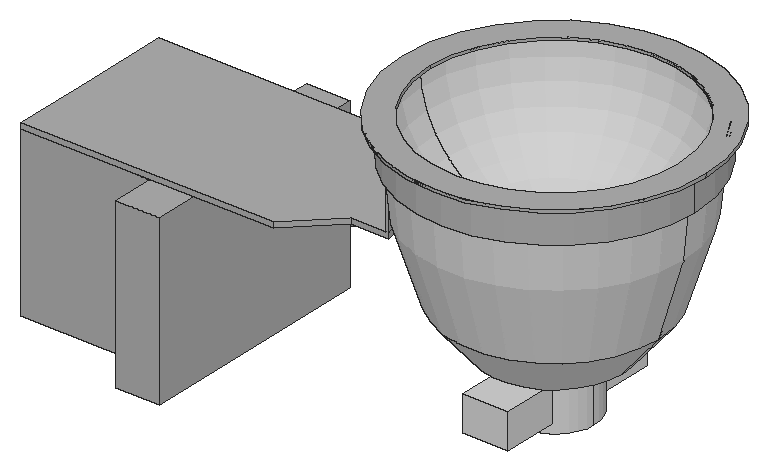
Revit family "RLC6SL", category Lighting Fixtures, host Face, Revit 2014
Parameters (values of type "RLC6")
  Wattage Comments = "17W - 42W"  # constant formula
  Wattage = 17 W
  built-in parameter 1150110 = 1 (stored number, unit not read)
  Voltage = 120 V
  URL = "https://www.hubbell.com/prescolite/en/"
  built-in parameter 1114217 = 1 (stored number, unit not read)
  Tilt Angle = -90.00°  # constant formula
  built-in parameter 1150109 = 1 (stored number, unit not read)
  built-in parameter 1150134 = (empty or 0)
  built-in parameter 1150113 = 1 (stored number, unit not read)
  Product Page URL = "https://www.hubbell.com/prescolite/en/Products/Lighting-Controls/Commercial-Indoor-Lighting/Recessed-Downlights/RLC6/p/213017"
  Product Documentation Link = "https://hubbellcdn.com/specsheet/rtf_022.pdf"
  Photometric Web Link = "https://www.hubbell.com/prescolite/en/Products/Lighting-Controls/Commercial-Indoor-Lighting/Recessed-Downlights/RLC6/p/213017#prod-resources-section"
  Photometric Web File = "RLC6SL_6LCSL10L35K8.ies"
  Model = "RLC6SL"  # constant formula
  Manufacturer = "Prescolite"  # constant formula
  built-in parameter 1150105 = 200.95 (stored number, unit not read)
  Lumens = 2525.21 lm
  built-in parameter 1150115 = 1 (stored number, unit not read)
  Load Classification = Lighting
  built-in parameter 1150137 = (empty or 0)
  built-in parameter 1150139 = (empty or 0)
  built-in parameter 1150112 = 1 (stored number, unit not read)
  built-in parameter 1150114 = 1 (stored number, unit not read)
  Lamp = "LED"
  Input Watts = 17 W
  built-in parameter 1150132 = (empty or 0)
  built-in parameter 1150102 = (empty or 0)
  built-in parameter 1150107 = 3500 (stored number, unit not read)
  built-in parameter 1150138 = (empty or 0)
  built-in parameter 1150106 = 2.0095 (stored number, unit not read)
  Housing = Hubbell - Steel
  Reflector = Hubbell - Aluminum
  Emit from Circle Diameter = 6"  # constant formula
  Emit Shape Visible in Rendering = no
  built-in parameter 1150104 = 13.8 (stored number, unit not read)
  Dimming Lamp Color Temperature Shift = <None>
  Description = "Retroficient is designed specifically to retrofit into ceilings with existing recessed downlight fixtures"  # constant formula
  Default Elevation = 48"
  Color Filter = 16777215
  built-in parameter 1114218 = 1 (stored number, unit not read)
  built-in parameter 1150133 = 10 (stored number, unit not read)
  Application = "Education,Healthcare,Hospitality,Office,Lobby,Conference Room,Classroom,Waiting Room,Auditorium,Guest Room,Dining Area"  # constant formula
  Apparent Load = 0 VA
Reference planes (in)
  plane 1 "Center (Front/Back)": y = 0
  plane 2: z = 0
  plane 3 "Center (Left/Right)": x = 0
  plane 4: x = -7.5
  plane 5: x = 3.25
  plane 6: z = -3
  plane 7: x = 0.0625
  plane 8: z = -0.8125
  plane 9: z = -7
  plane 10: z = -3.125
  plane 11: x = -3.5
  plane 12: z = 0.0625
  plane 13: y = 1.99568
  plane 14: y = -1.99568
  plane 15: z = 0.1875
Forms (in)
  Extrusion 1, solid, material "Hubbell - Steel" <- "Housing"
    sketch origin (0, 0, 0) x (1, 0, 0) y (0, 1, 0)
      loop
        circle (3.25, 0) r 3.5
      loop
        circle (3.25, 0) r 2.875
    from 0 to 0.0625
  Revolve 2, solid, material "Hubbell - Aluminum" <- "Reflector"
    sketch origin (0, 0, -0.13258) x (1, 0, 0) y (0, 0, 1)
      loop
        line (2.33194, -4.6137) -> (2.33194, -5.89836) -> (3.25, -5.89836) -> (3.25, -2.26333) -> (1.92975, -2.26333)
        arc (1.92975, -2.26333) -> (0.62541, -1.36802) -> (0.1243, 0.13258) r 2.48854
        line (0.1243, 0.13258) -> (0.0618, 0.13258)
        arc (0.0618, 0.13258) -> (0.25863, -1.77741) -> (0.84514, -3.60573) r 9.2597
        line (0.84514, -3.60573) -> (1.68113, -4.6137) -> (2.33194, -4.6137)
      axis (3.25, 0.13258) -> (3.25, -5.89836)
    angle from 0 to 360
  Extrusion 3, solid, material "Hubbell - Steel" <- "Housing"
    sketch origin (0, 0, 0) x (1, 0, 0) y (0, 1, 0)
      loop
        line (0.22342, 1) -> (-0.65625, 1) -> (-1.65193, 1.99568) -> (-7.5, 1.99568) -> (-7.5, 0) -> (-7.5, -1.99568) -> (-1.65193, -1.99568) -> (-0.65625, -1) -> (0.22342, -1)
        arc (0.22342, -1) -> (0.0625, 0) -> (0.22342, 1) r 3.1875
    from -3.125 to -3
  Extrusion 4, solid, material "Hubbell - Steel" <- "Housing"
    sketch origin (0, 0, 0) x (1, 0, 0) y (0, 1, 0)
      loop
        line (-7.5, 1.99568) -> (-7.5, -1.99568) -> (-3.5, -1.99568) -> (-3.5, 1.99568) -> (-7.5, 1.99568)
    from -3.125 to -7
  Revolve 5, solid, material "Hubbell - Steel" <- "Housing"
    sketch origin (0, 0, 0) x (1, 0, 0) y (0, 0, 1)
      loop
        line (0, 0) -> (0, -0.8125) -> (0.0625, -0.8125) -> (0.0625, 0) -> (0, 0)
      axis (3.25, 0) -> (3.25, -0.8125)
    angle from 0 to 360
  Extrusion 6, solid, material "Hubbell - Steel" <- "Housing"
    sketch origin (1.38379, -180, 0) x (0, -1, 0) y (1, 0, 0)
      loop
        line (-179, -1.22612) -> (-179, -1.16036)
        arc (-179, -1.16036) -> (-180, -1.32129) -> (-181, -1.16036) r 3.1875
        line (-181, -1.16036) -> (-181, -1.22612)
        arc (-181, -1.22612) -> (-180, -1.38379) -> (-179, -1.22612) r 3.25
    from -3.125 to -0.8125
  Extrusion 7, void
    sketch origin (1.38379, -180, 0) x (0, -1, 0) y (1, 0, 0)
      loop
        circle (-180, 1.86621) r 3.25
    from 0 to -3.125
  Extrusion 8, solid, material "Hubbell - Aluminum" <- "Reflector"
    sketch origin (-0.08637, 0, 0) x (1, 0, 0) y (0, 0, 1)
      loop
        line (2.81039, -5.02709) -> (2.81039, -5.82143) -> (3.86235, -5.82143) -> (3.86235, -5.02709) -> (2.81039, -5.02709)
    from -1.99568 to 1.99568
  Sweep 9, solid, material "Hubbell - Steel" <- "Housing"
    path origin (0, -4.80623, -5.64998) x (0, -1, 0) y (1, 0, 0)
      loop
        spline (-6.68312, -4.17701) -> (-7.66243, -3.4099) -> (-8.30799, -2.5833) -> (-8.6766, -1.72524) -> (-8.82504, -0.86373) -> (-8.81009, -0.0268) -> (-8.68853, 0.75755) -> (-8.50955, 1.46236) -> (-8.25922, 2.0696) -> (-7.8924, 2.5656) -> (-7.36372, 2.93674) -> (-6.62782, 3.16942) -> (-5.63933, 3.25)
    profile origin (0.75755, 3.88231, -5.64998) x (0.203884, 0.978995, 0) y (0, 0, 1)
      loop
        circle (0, 0) r 0.13761
  Extrusion 10, solid, material "Hubbell - Steel" <- "Housing"
    sketch origin (1.38379, -180, 0) x (0, -1, 0) y (1, 0, 0)
      loop
        line (-182.52581, -4.88379) -> (-182.52581, -5.88379) -> (-177.02581, -5.88379) -> (-177.02581, -4.88379) -> (-182.52581, -4.88379)
    from -7 to -3.125
Cuts and joins
  joined: Extrusion 1, Extrusion 3, Revolve 5, Extrusion 6
  joined: Extrusion 4, Extrusion 10
Dimensions and locks (in)
  locked: plane 4 to plane 3 "Center (Left/Right)" at 7.5
  locked: plane 4 to plane 5 at 10.75
  locked: plane 1 "Center (Front/Back)" to Extrusion 3 sketch curve at 1
  Extrusion 3 sketch curve to plane 1 "Center (Front/Back)" = 1"
  locked: plane 7 to plane 3 "Center (Left/Right)" at 0.0625
  locked: plane 2 to plane 9 at 7
  plane 2 to plane 6 = 3"
  locked: plane 6 to plane 10 at 0.125
  locked: plane 11 to plane 4 at 4
  locked: plane 12 to plane 2 at 0.0625
  equal spacing: plane 14, plane 1 "Center (Front/Back)", plane 13, locked at 1.99568 each
  locked: plane 15 to plane 12 at 0.125
  aligned and locked: Revolve 2 sketch curve to plane 5  (x2)
  aligned and locked: plane 6 to Extrusion 3
  aligned and locked: Revolve 5 sketch curve to plane 3 "Center (Left/Right)"
  aligned and locked: plane 7 to Revolve 5 sketch curve
  aligned and locked: plane 8 to Revolve 5 sketch curve
  aligned and locked: Extrusion 3 to plane 10
  aligned and locked: Extrusion 4 to Extrusion 3
  aligned and locked: plane 11 to Extrusion 4
  aligned and locked: cut or joined group of Extrusion 1, Extrusion 3, Revolve 5, Extrusion 6 to Extrusion 6
  aligned and locked: imposter light to plane 1 "Center (Front/Back)"
  aligned and locked: host face to cut or joined group of Extrusion 1, Extrusion 3, Revolve 5, Extrusion 6
  aligned and locked: cut or joined group of Extrusion 1, Extrusion 3, Revolve 5, Extrusion 6 to Extrusion 7
  aligned and locked: plane 12 to Extrusion 1
  aligned and locked: Extrusion 1 to plane 2
  aligned and locked: Revolve 2 sketch curve to plane 2
  aligned and locked: Revolve 5 sketch curve to plane 2
  aligned and locked: Extrusion 6 to Revolve 5
  aligned and locked: Extrusion 8 to Extrusion 4
  aligned and locked: Extrusion 4 to Extrusion 8
  aligned and locked: cut or joined group of Extrusion 1, Extrusion 3, Revolve 5, Extrusion 6 to plane 14
  aligned and locked: cut or joined group of Extrusion 1, Extrusion 3, Revolve 5, Extrusion 6 to plane 13
  aligned and locked: imposter light to plane 15
  aligned and locked: Extrusion 10 to Extrusion 4
  aligned and locked: Extrusion 4 to Extrusion 10
Automatic sketch dimensions
  host sketch curve to host sketch curve = 96"  (x2)
  Extrusion 1 sketch curve to Extrusion 1 sketch curve = 0"  (x2)
  plane 1 "Center (Front/Back)" to Extrusion 1 sketch curve = 0"
  Extrusion 1 sketch curve to plane 5 = 0"
  Revolve 2 sketch curve to level = 0.00295"
  Revolve 2 sketch curve to plane 5 = 0.63715"
  Revolve 2 sketch curve to plane 5 = 0.91806"
  plane 6 to Revolve 2 sketch curve = 0.60409"
  Revolve 2 sketch curve to Revolve 2 sketch curve = 1.32025"
  Revolve 2 sketch curve to Revolve 2 sketch curve = 0.65081"
  plane 3 "Center (Left/Right)" to Revolve 2 sketch curve = 0.84514"
  plane 3 "Center (Left/Right)" to Revolve 2 sketch curve = 0.0618"
  Revolve 2 sketch curve to level = 0.01091"
  plane 5 to Revolve 2 sketch curve = 6.0715"
  Revolve 2 sketch curve to Revolve 2 sketch curve = 1.00797"
  plane 9 to Revolve 2 sketch curve = 0.96906"
  Revolve 2 sketch curve to plane 9 = 3.88258"
  plane 12 to Revolve 2 sketch curve = 1.30492"
  Extrusion 3 sketch curve to plane 4 = 0"
  plane 13 to Extrusion 3 sketch curve = 0"
  Extrusion 3 sketch curve to plane 14 = 0"
  plane 1 "Center (Front/Back)" to Extrusion 3 sketch curve = 0"  (x2)
  Extrusion 3 sketch curve to plane 5 = 0"
  Extrusion 3 sketch curve to plane 3 "Center (Left/Right)" = 1.65193"  (x2)
  Extrusion 3 sketch curve to plane 3 "Center (Left/Right)" = 21/32"  (x2)
  plane 3 "Center (Left/Right)" to Extrusion 3 sketch curve = 0.22342"
  Extrusion 4 sketch curve to plane 4 = 0"
  Extrusion 4 sketch curve to plane 11 = 0"
  Extrusion 4 sketch curve to plane 14 = 0"
  plane 13 to Extrusion 4 sketch curve = 0"
  Revolve 5 sketch curve to plane 5 = 0"
  Revolve 5 sketch curve to plane 10 = 0.42176"
  plane 12 to Revolve 5 sketch curve = 2 9/16"
  Extrusion 6 sketch curve to Extrusion 6 sketch curve = 0"  (x2)
  plane 1 "Center (Front/Back)" to Extrusion 6 sketch curve = 0"
  Extrusion 6 sketch curve to plane 5 = 0"
  plane 3 "Center (Left/Right)" to Extrusion 6 sketch curve = 0.22342"
  plane 13 to Extrusion 6 sketch curve = 0.99568"
  plane 3 "Center (Left/Right)" to Extrusion 6 sketch curve = 0.15767"
  plane 1 "Center (Front/Back)" to Extrusion 6 sketch curve = 1"
  plane 1 "Center (Front/Back)" to Extrusion 7 sketch curve = 0"
  Extrusion 7 sketch curve to plane 5 = 0"
  Extrusion 8 sketch curve to plane 5 = 0.52598"
  plane 5 to Extrusion 8 sketch curve = 0.52598"
  plane 9 to Extrusion 8 sketch curve = 1.17857"
  Extrusion 8 sketch curve to Extrusion 8 sketch curve = 0.79434"
  Sweep 9 sketch curve to plane 5 = 0"
  Sweep 9 sketch curve to plane 1 "Center (Front/Back)" = 1.8769"
  plane 14 to Sweep 9 sketch curve = 2.82878"
  Sweep 9 sketch curve to plane 11 = 0.67701"
  Sweep 9 sketch curve to profile plane = 0"  (x2)
  Extrusion 10 sketch curve to plane 11 = 0"
  Extrusion 10 sketch curve to plane 13 = 0.53012"
  Extrusion 10 sketch curve to plane 14 = 0.97851"
  Extrusion 10 sketch curve to plane 11 = 1"
  radius of Extrusion 1 sketch curve = 3 1/2"
  radius of Extrusion 1 sketch curve = 2 7/8"
  radius of Extrusion 7 sketch curve = 3 1/4"
  radius of Sweep 9 sketch curve = 0.13761"
Connectors (in)
  electrical at (-5.5, 0, -7), driven by "Voltage", driven by "Apparent Load", driven by "Load Classification"
    settings: on Extrusion 4, index 1, voltage 120 V, apparent load 0 VA, apparent load phase1 0 VA, apparent load phase2 0 VA, apparent load phase3 0 VA, power factor 1, load classification "Lighting", number of poles 1, system type 30, power factor state 1, is connector primary yes, connector utility no, sub classification motor no, connector description "Electrical Connector"
